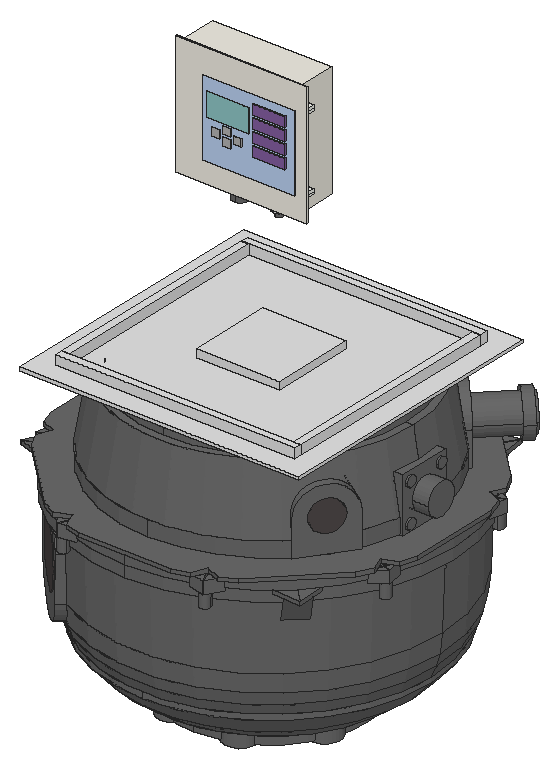
Revit family "281250x (200)", category Generic Models, Revit 2021
Family settings
  Can host rebar = No
  Round Connector Dimension = Use Diameter
  Part Type = Normal
  Work Plane-Based = No
  Always vertical = Yes
  Cut with Voids When Loaded = No
  Shared = Yes
  Room Calculation Point = No
Parameters (values of type "281250X")
  SUPPLIER = "KESSEL"
  SA700ID50 = "internal"
  SA700ID49 = "Protection Class I"
  SA700ID48 = "no"
  SA700ID47 = "no"
  SA700ID46 = "yes"
  SA700ID37 = 9000 mm
  SA700ID34 = 15.5
  SA700ID33 = 1.4 W
  SA700ID32 = 17.82 kg
  SA700ID31 = 1
  SA700ID30 = 1
  SA700ID29 = "RWDR"
  SA700ID21 = 900
  SA700ID10 = "No"
  SA700ID08 = 230 V
  PROCUREWEBLINK = "https://p.caden.as/kessel/281250X"
  PROCURELINK = "p.caden.as/kessel/281250X"
  PROCUREDATALASTUPDATE = "2024-05-22T12:17:20.68641257+01:00"
  PRC_SPECIFICATIONLINK = "https://ausschreiben.de/catalog/kessel/catalogItem/0e2b109e-8f7c-4847-9f3c-1d9d04fdc3ec"
  NN = "Lifting station Aqualift S compact"
  NBSYN = "$SA810ID03. ($LODLEVEL.)"
  NB = "281250X (200)"
  Model = "281250X"
  Manufacturer = "KESSEL"
  MIdent = "{$CADENAS_DATA/23d-libs/kessel/kessel_vdi_import/4/entwaesserung/hebeanlage20aqualift20s20compact.prj},216 {STYP=ASS},{VTYP=3D},{NB=281250X (200)},{LINA=281250X},{NN=Lifting station Aqualift S compact},{DATE=21.11.2022 10:40:35},{GEOMDATE=21.11.2022 10:40:35},{VERSION=},{LINEID=160},{WBVAR=LODLEVEL},{WBNUMERIC=LODLEVEL}  {NB=281250X (200)},{LINA=281250X},{KT=DUMMY},{PREVIEW=../../bilder/ksb_w_281250x.png},{SA700ID04=Hebeanlage Aqualift S Compact, Tronic, GTF1200, Bodenplatte, befliesbar},{SA810ID06=04026092082676},{SA700ID34=15.50},{SA010ID03=201805},{SA810ID03=281250X},{SA810ID10=Die steckerfertige Hebeanlage für fäkalienfreies Abwasser ist mit einer überflutbaren Pumpe sowie einem Rückflussverhinderer ausgestattet. Der Sammelbehälter aus dauerhaft beständigem Kunststoff (PE) besitzt einen offenen Pumpenraum. Einhandverschlüsse ermöglichen die einfache Entnahme der integrierten Komponenten. Die Anlage zum Einbau in die Bodenplatte ist vormontiert zur bauseitigen Endmontage.Die Steuerung erfolgt durch ein anwenderfreundliches Schaltgerät, das optional über einen potentialfreien Kontakt in die Gebäudeleittechnik eingebunden werden oder Alarm- und Sammelstörmeldungen über eine GSM-Schnittstelle ausgeben kann.- mit teleskopischem Aufsatzstück für stufenlosen Höhen- und Niveauausgleich und integriertem Bodenablauf- Sammelbehälter aus PE, beständig gegen aggressive Abwässer und 3 m Grundwasser- inklusive Rückflussverhinderer für die Druckleitung- inklusive Stutzen für Zulauf und Kabelleerrohr- Pumpe mit Freistromrad für höchste BetriebssicherheitAusführung:Anlagenart: EinzelanlagePumpensteuerung: SchaltgerätRückflussverhinderer: integriertAuslieferungszustand: installationsfertig (Verbindungsteile sind bauseits anzuschließen)Einbausituation: Einbau in die BodenplatteAbwasserart: fäkalienfreiAllgemeine Merkmale:Farbe: schwarzNorm: EN 12050-2Abmessungen:Länge: 617 mmBreite: 585 mmBehälter/Grundkörper:Zulauf Nennweite (DN): 100 mmDruckabgang (DN): 32 mmDruckabgang (DA): 40 mmEinbautiefe: 490 - 620 mmNutzvolumen: 20 lArt der Höhenverstellbarkeit: teleskopisches AufsatzstückAbdeckungsmerkmale:Abdeckungsart: befliesbare AbdeckplatteAbdeckung Material: KunststoffAbdeckung Farbe: silbergrauAblauffunktion: jaBodenbelaghöhe max.: 16 mmBelastungsklasse: K 3 (EN 1253-1)Länge: 366 mmBreite: 366 mmVerriegelung: Lock & LiftFreier Kugeldurchgang: 30 mmFördereinrichtung:Pumpe: GTF 1200Anzahl Pumpen: 1Förderleistung max.: 15,5 m3/hFörderhöhe max.: 9 mBetriebsspannung: 230 VNetzfrequenz: 50 HzBetriebsart: S3 - 10 %Leistung P1: 1,4 kWLeistung P2: 0,84 kWDrehzahl: 2.650 U/minErforderliche Absicherung (Leitungsschutz): C 16 AFörderguttemperatur (dauerhaft) max.: 40 °CAnschlusstyp: codierter SteckerLaufrad Typ: FreistromradLänge Netzanschlussleitung Pumpe: 5 mNennstrom: 6,2 ASchutzart Pumpe: IP 68 (3m)Typ Anschlussleitung Pumpe: H07RN-F 3G 1,0 mm2Temperaturüberwachung: integriertSteuerung:Schaltgerät: ComfortBetriebsspannung: 230 VSelbstdiagnosesystem (SDS): jaBatteriepufferung: jaMehrzeilige Displayanzeige: jaLogbuchfunktion: jaUSB-Schnittstelle: jaGSM-Schnittstelle: jaPotentialfreier Kontakt: optionalSchutzart Schaltgerät: IP 54Länge Netzanschlussleitung Schaltgerät: 1,4 mArt Niveauerfassung: pneumatischInstrument Niveauerfassung: TauchrohrAlarmgeber: optische Sonde},{SA700ID37=9.00},{SA700ID33=1.40},{SA700ID08=230},{SA700ID30=1},{SA700ID32=17.82},{SA700ID49=Schutzklasse I},{SA700ID50=intern},{SA200ID03=6},{SA250ID03=vertikal},{SA260ID03=Trockenläuferpumpe},{SA350ID03=normalansaugend},{SA400ID03=E-Motor für Wechselstrom},{SA460ID03=direkt},{SA500ID03=Kunststoff, Edelstahl},{SA700ID06=32},{SA700ID07=100},{SA700ID09=1/N/PE 230V },{SA700ID10=Nein},{SA700ID11=50},{SA700ID12=IP 68},{SA700ID13=F},{SA700ID15=35},{SA700ID21=900.00},{SA700ID22=0.84},{SA700ID23=2650},{SA700ID24=2650},{SA700ID26=6.20},{SA700ID27=14.90},{SA700ID28=durchgehend},{SA700ID29=RWDR},{SA700ID31=1},{SA700ID46=ja},{SA700ID47=nein},{SA700ID48=nein},{SA110ID04=Hebeanlage Aqualift S Compact},{SA300ID03=einstufig},{SA700ID44=10.00},{SA700ID45=10.00},{SA010ID04=KESSEL AG},{LODLEVEL=200},{LINK=https://www.kessel.de/info?han=281250X},{SA970ID01=970},{SA970ID02=14182},{SA970ID03=281250X},{SA970ID04=11002617},{SA970ID05=QUAD},{SA970ID06=-326},{SA970ID07=-291.04},{SA970ID08=0},{SA970ID09=1},{SA970ID10=0},{SA970ID11=0},{SA970ID12=0},{SA970ID13=1},{SA970ID14=0},{SA970ID15=617.04},{SA970ID16=582.09},{SA970ID17=488.5},{LODLEVEL_=200,'Low'},{LODLEVEL_DEU=200,'Low'},{LINK_=https://www.kessel.de/info?han=281250X},{LINK_DEU=https://www.kessel.de/info?han=281250X},{LODLEVEL_3DB=281250X_200},{DNIN1=100},{DNIN2=125},{DNIN3=100},{DNIN4=100},{DNOUT1=70},{DNOUT2=32},{ISD1=60},{ISD2=10},{ISD3=10},{SA010ID01=010},{SA010ID02=4},{SA010ID06=www.kessel.de},{SA010ID07=www.kessel.de},{SA010ID12=20180713},{SA010ID13=DEU},{SA010ID14=DE},{SA100ID01=100},{SA100ID02=4},{SA100ID04=Entwässerung},{SA110ID01=110},{SA110ID02=30},{SA200ID01=200},{SA200ID02=6},{SA250ID01=250},{SA250ID02=2},{SA260ID01=260},{SA260ID02=2},{SA300ID01=300},{SA300ID02=1},{SA350ID01=350},{SA350ID02=1},{SA400ID01=400},{SA400ID02=1},{SA460ID01=460},{SA460ID02=1},{SA500ID01=500},{SA500ID02=1},{SA700ID01=700},{SA700ID02=203},{SA700ID10_=0},{SA700ID16=0},{SA700ID25=0},{SA700ID46_=1},{SA700ID47_=0},{SA700ID48_=0},{SA700ID49_=1},{SA700ID50_=2},{SA800ID01=800},{SA800ID02=18},{SA810ID01=810},{SA810ID02=203},{SA810ID04=281250X},{SA810ID07=203},{SA810ID09=1},{SA810ID14=PCE},{SA810ID15=1},{SA810ID16=NMP},{SA960ID03=203},{SA960ID04=3L},{SA960ID08=https://www.kessel.de/info?han=281250X},{SA010ID08=4026092000007},{SA100ID05=Hebeanlage},{SA110ID06=Hebeanlage}"
  LINK = "https://www.kessel.de/info?han=281250X"
  LINA = "281250X"
  Default Elevation = 0 mm
  CREATOR = "CADENAS GmbH"
  CATALOG = "KESSEL"
  BOMINFO = "LINA"
  ARTICLENO = "NB"
  4.810.00.9 Order quantity (multiplicator) = "1"
  4.810.00.7 Media- connection number = "203"
  4.810.00.6 GTIN number = "04026092082676"
  4.810.00.4 DATANORM number = "281250X"
  4.810.00.3 Producer order number = "281250X"
  4.710.03.7 Mass (net) = 17.82 kg
  4.710.03.6 Height = 490 mm
  4.710.03.5 Width = 580 mm
  4.710.03.4 Length = 620 mm
  4.710.03.3 Type of dimensions = "2"
  4.710.02.8 Area of application of wastewater pump = "2"
  4.710.02.7 Art des S2/S3-Betriebs = "50 %"
  4.710.02.6 Duty type = "S3"
  4.710.02.5 Cutting device = "0"
  4.710.02.4 Attached pump control = "1"
  4.710.02.3 Free passage = 30 mm
  4.710.01.6 Option to connect to building automation = "30"
  4.710.01.5 Load regulation = "0"
  4.710.01.4 Designation of closed-loop control = "20"
  4.700.00.9 Voltage = 0
  4.700.00.8 Nominal connection size on suction side = "100"
  4.700.00.7 Nominal connection size on pressure side = "100"
  4.700.00.6 Type of connection = "32"
  4.700.00.4 Product indentification = "Hebeanlage Aqualift S Compact, Tronic, GTF1200, Bodenplatte, befliesbar"
  4.700.00.28 Motor pump shaft = "durchgehend"
  4.700.00.27 Starting current = 14.9
  4.700.00.26 Maximum power consumption per pump / drive = 6.2
  4.700.00.25 Minimum speed at internal speed adjustment = 0
  4.700.00.24 Nominal speed / maximum speed n = 44.1667
  4.700.00.23 Nominal speed of motor = 44.1667
  4.700.00.22 Maximum shaft output (P2) per pump/drive = 0.84 W
  4.700.00.16 Maximum temperature of pumped medium = 0 °C
  4.700.00.15 Increased safety class = "35 °C"
  4.700.00.13 Type of protection = "F"
  4.700.00.12 Frequency = 0
  4.700.00.11 Stern-/Dreieck-Anlaufschaltung bei Dreiphasenanschluss oder Drehstrom = "50 Hz"
  4.700.00.10 Phase = "0"
  4.500.00.3 Variant / Variant type / Accessories-name = "Kunststoff, Edelstahl"
  4.460.00.3 Variant / Variant type / Accessories-name = "direkt"
  4.400.00.3 Variant / Variant type / Accessories-name = "E-Motor für Wechselstrom"
  4.350.00.3 Variant / Variant type / Accessories-name = "normalansaugend"
  4.300.00.3 Variant / Variant type / Accessories-name = "einstufig"
  4.260.00.3 Variant / Variant type / Accessories-name = "Trockenläuferpumpe"
  4.250.00.3 Variant / Variant type / Accessories-name = "vertikal"
  4.200.00.3 Variant / Variant type / Accessories-name = "6"
  4.110.00.6 Product classification = "Hebeanlage"
  4.110.00.4 Product indentification = "Hebeanlage Aqualift S Compact"
  4.100.00.5 Main groups of wares = "Hebeanlage"
  4.100.00.4 Product indentification = "Entwässerung"
  4.010.00.8 Producer ID number = "4026092000007"
  4.010.00.7 Comment = "www.kessel.de"
  4.010.00.6 Web address of the manufacturer = "www.kessel.de"
  4.010.00.4 Manufacturer name = "KESSEL AG"
  4.010.00.3 Date of issuance (month) of guideline = "201805"
  4.010.00.2 Sheet number of the guideline = "4"
  4.010.00.14 Kennungen der Projektländer, für die die Datei gültig ist = "DE"
  4.010.00.13 Sprache der Datei = "DEU"
  4.010.00.12 Stand des Herstellerkatalogs = "20180713"
Reference planes
  plane 1 "Center (Front/Back)": y = 0
  plane 2: z = 0
  plane 3 "Center (Left/Right)": x = 0
Forms (mm)
  Extrusion 1, void
    sketch origin (-161, 217, 518.2) x (0, 1, 0) y (-1, 0, 0)
      loop
        line (-0.5, -0.5) -> (0.5, -0.5) -> (0.5, 0.5) -> (-0.5, 0.5) -> (-0.5, -0.5)
    from 0 to 1
  Extrusion 2, void
    sketch origin (-197.283, 197.283, 209) x (-0.707107, -0.707107, 0) y (0, 0, -1)
      loop
        line (-0.5, -0.5) -> (0.5, -0.5) -> (0.5, 0.5) -> (-0.5, 0.5) -> (-0.5, -0.5)
    from 0 to 1
  Extrusion 3, void
    sketch origin (-197.283, -197.283, 209) x (0.707107, -0.707107, 0) y (0, 0, -1)
      loop
        line (-0.5, -0.5) -> (0.5, -0.5) -> (0.5, 0.5) -> (-0.5, 0.5) -> (-0.5, -0.5)
    from 0 to 1
  Extrusion 4, void
    sketch origin (-247, 0, 370) x (0, -1, 0) y (0, 0, -1)
      loop
        line (-0.5, -0.5) -> (0.5, -0.5) -> (0.5, 0.5) -> (-0.5, 0.5) -> (-0.5, -0.5)
    from 0 to 1
  Extrusion 5, void
    sketch origin (242.226, 228.084, 376) x (-0.707107, 0.707107, 0) y (0, 0, -1)
      loop
        line (-0.5, -0.5) -> (0.5, -0.5) -> (0.5, 0.5) -> (-0.5, 0.5) -> (-0.5, -0.5)
    from 0 to 1
  Extrusion 6, void
    sketch origin (242.226, 228.084, 364) x (-0.707107, 0.707107, 0) y (0, 0, -1)
      loop
        line (-0.5, -0.5) -> (0.5, -0.5) -> (0.5, 0.5) -> (-0.5, 0.5) -> (-0.5, -0.5)
    from 0 to 1
  Extrusion 7, void
    sketch origin (228.084, 242.226, 376) x (-0.707107, 0.707107, 0) y (0, 0, -1)
      loop
        line (-0.5, -0.5) -> (0.5, -0.5) -> (0.5, 0.5) -> (-0.5, 0.5) -> (-0.5, -0.5)
    from 0 to 1
  Extrusion 8, void
    sketch origin (228.084, 242.226, 364) x (-0.707107, 0.707107, 0) y (0, 0, -1)
      loop
        line (-0.5, -0.5) -> (0.5, -0.5) -> (0.5, 0.5) -> (-0.5, 0.5) -> (-0.5, -0.5)
    from 0 to 1
Dimensions and locks
  locked: plane 2 to Extrusion 1 at 519.2
  locked: plane 2 to Extrusion 1 at 518.2
  locked: plane 2 to Extrusion 2 at 208.5
  locked: plane 2 to Extrusion 2 at 209.5
  locked: plane 2 to Extrusion 3 at 208.5
  locked: plane 2 to Extrusion 3 at 209.5
  locked: plane 2 to Extrusion 4 at 369.5
  locked: plane 2 to Extrusion 4 at 370.5
  locked: plane 2 to Extrusion 5 at 375.5
  locked: plane 2 to Extrusion 5 at 376.5
  locked: plane 2 to Extrusion 6 at 363.5
  locked: plane 2 to Extrusion 6 at 364.5
  locked: plane 2 to Extrusion 7 at 375.5
  locked: plane 2 to Extrusion 7 at 376.5
  locked: plane 2 to Extrusion 8 at 363.5
  locked: plane 2 to Extrusion 8 at 364.5
  aligned and locked: level to plane 2
Nested families
  nested 1: "281250x (200)_content" at (0, 0, 0), type "281250X (200)_Content"
  nested 2: "281250x (200)_part1_X0Y0" at (-194, 244.5, 558), type "281250X_PART1_X0Y0"
  nested 3: "281250x (200)_part2_X0Y0" at (0, 0, 0), type "281250X_PART2_X0Y0"
Connectors
  electrical at (-257.5, 217, 524.5)
    settings: on nested 2, index 1, voltage 0 V, apparent load 0 VA, apparent load phase1 0 VA, apparent load phase2 0 VA, apparent load phase3 0 VA, power factor 1, load classification "Other", number of poles 1, system type 31, power factor state 1, is connector primary yes, connector utility no, sub classification motor no, connector description ""
  electrical at (-223, 217, 521)
    settings: on nested 2, index 2, voltage 0 V, apparent load 0 VA, apparent load phase1 0 VA, apparent load phase2 0 VA, apparent load phase3 0 VA, power factor 1, load classification "Other", number of poles 1, system type 31, power factor state 1, is connector primary no, connector utility no, sub classification motor no, connector description ""
  electrical at (-189, 217, 530.9)
    settings: on nested 2, index 3, voltage 0 V, apparent load 0 VA, apparent load phase1 0 VA, apparent load phase2 0 VA, apparent load phase3 0 VA, power factor 1, load classification "Other", number of poles 1, system type 31, power factor state 1, is connector primary no, connector utility no, sub classification motor no, connector description ""
  electrical at (-161, 217, 518.2)
    settings: on Extrusion 1, index 4, voltage 0 V, apparent load 0 VA, apparent load phase1 0 VA, apparent load phase2 0 VA, apparent load phase3 0 VA, power factor 1, load classification "Other", number of poles 1, system type 31, power factor state 1, is connector primary no, connector utility no, sub classification motor no, connector description ""
  electrical at (-136.5, 217, 557.2)
    settings: on nested 2, index 5, voltage 0 V, apparent load 0 VA, apparent load phase1 0 VA, apparent load phase2 0 VA, apparent load phase3 0 VA, power factor 1, load classification "Other", number of poles 1, system type 31, power factor state 1, is connector primary no, connector utility no, sub classification motor no, connector description ""
  electrical at (-114.5, 217, 557.2)
    settings: on nested 2, index 6, voltage 0 V, apparent load 0 VA, apparent load phase1 0 VA, apparent load phase2 0 VA, apparent load phase3 0 VA, power factor 1, load classification "Other", number of poles 1, system type 31, power factor state 1, is connector primary no, connector utility no, sub classification motor no, connector description ""
  piping at (-326, 0, 209), diameter 125
    settings: on nested 3, index 7, connector inside diameter 609.6 mm, connector length 0 mm, flow factor 0, pipe flow 0.0 L/s, pressure drop 0.0 Pa, fitting loss kfactor 0, connector angle 0.00°, fixture units 0, engagement length 0 mm, angle of deflection 0.00°, flow configuration 0, flow direction 1, fitting loss method 2, system type 29, joint type 0, gender type 0, connector reference index -1, connector utility 0, adjustable connector no, is connector primary yes, connector description ""
  piping at (-197.283, 197.283, 209), diameter 100
    settings: on Extrusion 2, index 8, connector inside diameter 609.6 mm, connector length 0 mm, flow factor 0, pipe flow 0.0 L/s, pressure drop 0.0 Pa, fitting loss kfactor 0, connector angle 0.00°, fixture units 0, engagement length 0 mm, angle of deflection 0.00°, flow configuration 0, flow direction 0, fitting loss method 2, system type 29, joint type 0, gender type 0, connector reference index -1, connector utility 0, adjustable connector no, is connector primary no, connector description ""
  piping at (-197.283, -197.283, 209), diameter 100
    settings: on Extrusion 3, index 9, connector inside diameter 609.6 mm, connector length 0 mm, flow factor 0, pipe flow 0.0 L/s, pressure drop 0.0 Pa, fitting loss kfactor 0, connector angle 0.00°, fixture units 0, engagement length 0 mm, angle of deflection 0.00°, flow configuration 0, flow direction 0, fitting loss method 2, system type 29, joint type 0, gender type 0, connector reference index -1, connector utility 0, adjustable connector no, is connector primary no, connector description ""
  piping at (-247, 0, 370), diameter 70
    settings: on Extrusion 4, index 10, connector inside diameter 609.6 mm, connector length 0 mm, flow factor 0, pipe flow 0.0 L/s, pressure drop 0.0 Pa, fitting loss kfactor 0, connector angle 0.00°, fixture units 0, engagement length 0 mm, angle of deflection 0.00°, flow configuration 0, flow direction 0, fitting loss method 2, system type 29, joint type 0, gender type 0, connector reference index -1, connector utility 0, adjustable connector no, is connector primary no, connector description ""
  piping at (272.5, -3, 363.25), diameter 32
    settings: on nested 3, index 11, connector inside diameter 609.6 mm, connector length 0 mm, flow factor 0, pipe flow 0.0 L/s, pressure drop 0.0 Pa, fitting loss kfactor 0, connector angle 0.00°, fixture units 0, engagement length 0 mm, angle of deflection 0.00°, flow configuration 0, flow direction 2, fitting loss method 2, system type 29, joint type 0, gender type 0, connector reference index -1, connector utility 0, adjustable connector no, is connector primary no, connector description ""
  electrical at (242.226, 228.084, 376)
    settings: on Extrusion 5, index 12, voltage 0 V, apparent load 0 VA, apparent load phase1 0 VA, apparent load phase2 0 VA, apparent load phase3 0 VA, power factor 1, load classification "Other", number of poles 1, system type 31, power factor state 1, is connector primary no, connector utility no, sub classification motor no, connector description ""
  electrical at (242.226, 228.084, 364)
    settings: on Extrusion 6, index 13, voltage 0 V, apparent load 0 VA, apparent load phase1 0 VA, apparent load phase2 0 VA, apparent load phase3 0 VA, power factor 1, load classification "Other", number of poles 1, system type 31, power factor state 1, is connector primary no, connector utility no, sub classification motor no, connector description ""
  electrical at (228.084, 242.226, 376)
    settings: on Extrusion 7, index 14, voltage 0 V, apparent load 0 VA, apparent load phase1 0 VA, apparent load phase2 0 VA, apparent load phase3 0 VA, power factor 1, load classification "Other", number of poles 1, system type 31, power factor state 1, is connector primary no, connector utility no, sub classification motor no, connector description ""
  electrical at (228.084, 242.226, 364)
    settings: on Extrusion 8, index 15, voltage 0 V, apparent load 0 VA, apparent load phase1 0 VA, apparent load phase2 0 VA, apparent load phase3 0 VA, power factor 1, load classification "Other", number of poles 1, system type 31, power factor state 1, is connector primary no, connector utility no, sub classification motor no, connector description ""
Definition of nested family "281250x (200)_part1_X0Y0"
  Parameters (values of type "281250X_PART1_X0Y0")
    SUPPLIER = "KESSEL"
    SA700ID50 = "internal"
    SA700ID49 = "Protection Class I"
    SA700ID48 = "no"
    SA700ID47 = "no"
    SA700ID46 = "yes"
    SA700ID37 = 9000 mm
    SA700ID34 = 15.5
    SA700ID33 = 1.4 W
    SA700ID32 = 17.82 kg
    SA700ID31 = 1
    SA700ID30 = 1
    SA700ID29 = "RWDR"
    SA700ID21 = 900
    SA700ID10 = "No"
    SA700ID08 = 230 V
    NBSYN = "$SA810ID03. ($LODLEVEL.)_PART1"
    NB = "281250X (200)_PART1"
    Model = "281250X_PART1"
    Manufacturer = "KESSEL"
    MIdent = "{$CADENAS_DATA/23d-libs/kessel/kessel_vdi_import/4/entwaesserung/hebeanlage20aqualift20s20compact.prj},236 {VTYP=3D},{NB=281250X (200)_PART1},{LINA=281250X_PART1},{NN=Lifting station Aqualift S compact_PART1},{NOPRJ=TRUE},{DATE=21.11.2022 10:40:35},{GEOMDATE=21.11.2022 10:40:35},{VERSION=},{LINEID=160},{WBVAR=LODLEVEL},{WBNUMERIC=LODLEVEL}  {NB=281250X (200)_PART1},{LINA=281250X_PART1},{KT=DUMMY},{PREVIEW=../../bilder/ksb_w_281250x.png},{SA700ID04=Hebeanlage Aqualift S Compact, Tronic, GTF1200, Bodenplatte, befliesbar},{SA810ID06=04026092082676},{SA700ID34=15.50},{SA010ID03=201805},{SA810ID03=281250X},{SA810ID10=Die steckerfertige Hebeanlage für fäkalienfreies Abwasser ist mit einer überflutbaren Pumpe sowie einem Rückflussverhinderer ausgestattet. Der Sammelbehälter aus dauerhaft beständigem Kunststoff (PE) besitzt einen offenen Pumpenraum. Einhandverschlüsse ermöglichen die einfache Entnahme der integrierten Komponenten. Die Anlage zum Einbau in die Bodenplatte ist vormontiert zur bauseitigen Endmontage.Die Steuerung erfolgt durch ein anwenderfreundliches Schaltgerät, das optional über einen potentialfreien Kontakt in die Gebäudeleittechnik eingebunden werden oder Alarm- und Sammelstörmeldungen über eine GSM-Schnittstelle ausgeben kann.- mit teleskopischem Aufsatzstück für stufenlosen Höhen- und Niveauausgleich und integriertem Bodenablauf- Sammelbehälter aus PE, beständig gegen aggressive Abwässer und 3 m Grundwasser- inklusive Rückflussverhinderer für die Druckleitung- inklusive Stutzen für Zulauf und Kabelleerrohr- Pumpe mit Freistromrad für höchste BetriebssicherheitAusführung:Anlagenart: EinzelanlagePumpensteuerung: SchaltgerätRückflussverhinderer: integriertAuslieferungszustand: installationsfertig (Verbindungsteile sind bauseits anzuschließen)Einbausituation: Einbau in die BodenplatteAbwasserart: fäkalienfreiAllgemeine Merkmale:Farbe: schwarzNorm: EN 12050-2Abmessungen:Länge: 617 mmBreite: 585 mmBehälter/Grundkörper:Zulauf Nennweite (DN): 100 mmDruckabgang (DN): 32 mmDruckabgang (DA): 40 mmEinbautiefe: 490 - 620 mmNutzvolumen: 20 lArt der Höhenverstellbarkeit: teleskopisches AufsatzstückAbdeckungsmerkmale:Abdeckungsart: befliesbare AbdeckplatteAbdeckung Material: KunststoffAbdeckung Farbe: silbergrauAblauffunktion: jaBodenbelaghöhe max.: 16 mmBelastungsklasse: K 3 (EN 1253-1)Länge: 366 mmBreite: 366 mmVerriegelung: Lock & LiftFreier Kugeldurchgang: 30 mmFördereinrichtung:Pumpe: GTF 1200Anzahl Pumpen: 1Förderleistung max.: 15,5 m3/hFörderhöhe max.: 9 mBetriebsspannung: 230 VNetzfrequenz: 50 HzBetriebsart: S3 - 10 %Leistung P1: 1,4 kWLeistung P2: 0,84 kWDrehzahl: 2.650 U/minErforderliche Absicherung (Leitungsschutz): C 16 AFörderguttemperatur (dauerhaft) max.: 40 °CAnschlusstyp: codierter SteckerLaufrad Typ: FreistromradLänge Netzanschlussleitung Pumpe: 5 mNennstrom: 6,2 ASchutzart Pumpe: IP 68 (3m)Typ Anschlussleitung Pumpe: H07RN-F 3G 1,0 mm2Temperaturüberwachung: integriertSteuerung:Schaltgerät: ComfortBetriebsspannung: 230 VSelbstdiagnosesystem (SDS): jaBatteriepufferung: jaMehrzeilige Displayanzeige: jaLogbuchfunktion: jaUSB-Schnittstelle: jaGSM-Schnittstelle: jaPotentialfreier Kontakt: optionalSchutzart Schaltgerät: IP 54Länge Netzanschlussleitung Schaltgerät: 1,4 mArt Niveauerfassung: pneumatischInstrument Niveauerfassung: TauchrohrAlarmgeber: optische Sonde},{SA700ID37=9.00},{SA700ID33=1.40},{SA700ID08=230},{SA700ID30=1},{SA700ID32=17.82},{SA700ID49=Schutzklasse I},{SA700ID50=intern},{SA200ID03=6},{SA250ID03=vertikal},{SA260ID03=Trockenläuferpumpe},{SA350ID03=normalansaugend},{SA400ID03=E-Motor für Wechselstrom},{SA460ID03=direkt},{SA500ID03=Kunststoff, Edelstahl},{SA700ID06=32},{SA700ID07=100},{SA700ID09=1/N/PE 230V },{SA700ID10=Nein},{SA700ID11=50},{SA700ID12=IP 68},{SA700ID13=F},{SA700ID15=35},{SA700ID21=900.00},{SA700ID22=0.84},{SA700ID23=2650},{SA700ID24=2650},{SA700ID26=6.20},{SA700ID27=14.90},{SA700ID28=durchgehend},{SA700ID29=RWDR},{SA700ID31=1},{SA700ID46=ja},{SA700ID47=nein},{SA700ID48=nein},{SA110ID04=Hebeanlage Aqualift S Compact},{SA300ID03=einstufig},{SA700ID44=10.00},{SA700ID45=10.00},{SA010ID04=KESSEL AG},{LODLEVEL=200},{LINK=https://www.kessel.de/info?han=281250X},{SA970ID01=970},{SA970ID02=14182},{SA970ID03=281250X},{SA970ID04=11002617},{SA970ID05=QUAD},{SA970ID06=-326},{SA970ID07=-291.04},{SA970ID08=0},{SA970ID09=1},{SA970ID10=0},{SA970ID11=0},{SA970ID12=0},{SA970ID13=1},{SA970ID14=0},{SA970ID15=617.04},{SA970ID16=582.09},{SA970ID17=488.5},{LODLEVEL_=200,'Low'},{LODLEVEL_DEU=200,'Low'},{LINK_=https://www.kessel.de/info?han=281250X},{LINK_DEU=https://www.kessel.de/info?han=281250X},{LODLEVEL_3DB=281250X_200},{DNIN1=100},{DNIN2=125},{DNIN3=100},{DNIN4=100},{DNOUT1=70},{DNOUT2=32},{ISD1=60},{ISD2=10},{ISD3=10},{SA010ID01=010},{SA010ID02=4},{SA010ID06=www.kessel.de},{SA010ID07=www.kessel.de},{SA010ID12=20180713},{SA010ID13=DEU},{SA010ID14=DE},{SA100ID01=100},{SA100ID02=4},{SA100ID04=Entwässerung},{SA110ID01=110},{SA110ID02=30},{SA200ID01=200},{SA200ID02=6},{SA250ID01=250},{SA250ID02=2},{SA260ID01=260},{SA260ID02=2},{SA300ID01=300},{SA300ID02=1},{SA350ID01=350},{SA350ID02=1},{SA400ID01=400},{SA400ID02=1},{SA460ID01=460},{SA460ID02=1},{SA500ID01=500},{SA500ID02=1},{SA700ID01=700},{SA700ID02=203},{SA700ID10_=0},{SA700ID16=0},{SA700ID25=0},{SA700ID46_=1},{SA700ID47_=0},{SA700ID48_=0},{SA700ID49_=1},{SA700ID50_=2},{SA800ID01=800},{SA800ID02=18},{SA810ID01=810},{SA810ID02=203},{SA810ID04=281250X},{SA810ID07=203},{SA810ID09=1},{SA810ID14=PCE},{SA810ID15=1},{SA810ID16=NMP},{SA960ID03=203},{SA960ID04=3L},{SA960ID08=https://www.kessel.de/info?han=281250X},{SA010ID08=4026092000007},{SA100ID05=Hebeanlage},{SA110ID06=Hebeanlage}"
    LINK = "https://www.kessel.de/info?han=281250X"
    LINA = "281250X_PART1"
    Default Elevation = 1219.2 mm
    CREATOR = "CADENAS GmbH"
    CATALOG = "KESSEL"
    BOMINFO = "LINA"
    ARTICLENO = "NB"
    4.810.00.9 Order quantity (multiplicator) = "1"
    4.810.00.7 Media- connection number = "203"
    4.810.00.6 GTIN number = "04026092082676"
    4.810.00.4 DATANORM number = "281250X"
    4.810.00.3 Producer order number = "281250X"
    4.710.03.7 Mass (net) = 17.82 kg
    4.710.03.6 Height = 490 mm
    4.710.03.5 Width = 580 mm
    4.710.03.4 Length = 620 mm
    4.710.03.3 Type of dimensions = "2"
    4.710.02.8 Area of application of wastewater pump = "2"
    4.710.02.7 Art des S2/S3-Betriebs = "50 %"
    4.710.02.6 Duty type = "S3"
    4.710.02.5 Cutting device = "0"
    4.710.02.4 Attached pump control = "1"
    4.710.02.3 Free passage = 30 mm
    4.710.01.6 Option to connect to building automation = "30"
    4.710.01.5 Load regulation = "0"
    4.710.01.4 Designation of closed-loop control = "20"
    4.700.00.9 Voltage = 0
    4.700.00.8 Nominal connection size on suction side = "100"
    4.700.00.7 Nominal connection size on pressure side = "100"
    4.700.00.6 Type of connection = "32"
    4.700.00.4 Product indentification = "Hebeanlage Aqualift S Compact, Tronic, GTF1200, Bodenplatte, befliesbar"
    4.700.00.28 Motor pump shaft = "durchgehend"
    4.700.00.27 Starting current = 14.9
    4.700.00.26 Maximum power consumption per pump / drive = 6.2
    4.700.00.25 Minimum speed at internal speed adjustment = 0
    4.700.00.24 Nominal speed / maximum speed n = 44.1667
    4.700.00.23 Nominal speed of motor = 44.1667
    4.700.00.22 Maximum shaft output (P2) per pump/drive = 0.84 W
    4.700.00.16 Maximum temperature of pumped medium = 0 °C
    4.700.00.15 Increased safety class = "35 °C"
    4.700.00.13 Type of protection = "F"
    4.700.00.12 Frequency = 0
    4.700.00.11 Stern-/Dreieck-Anlaufschaltung bei Dreiphasenanschluss oder Drehstrom = "50 Hz"
    4.700.00.10 Phase = "0"
    4.500.00.3 Variant / Variant type / Accessories-name = "Kunststoff, Edelstahl"
    4.460.00.3 Variant / Variant type / Accessories-name = "direkt"
    4.400.00.3 Variant / Variant type / Accessories-name = "E-Motor für Wechselstrom"
    4.350.00.3 Variant / Variant type / Accessories-name = "normalansaugend"
    4.300.00.3 Variant / Variant type / Accessories-name = "einstufig"
    4.260.00.3 Variant / Variant type / Accessories-name = "Trockenläuferpumpe"
    4.250.00.3 Variant / Variant type / Accessories-name = "vertikal"
    4.200.00.3 Variant / Variant type / Accessories-name = "6"
    4.110.00.6 Product classification = "Hebeanlage"
    4.110.00.4 Product indentification = "Hebeanlage Aqualift S Compact"
    4.100.00.5 Main groups of wares = "Hebeanlage"
    4.100.00.4 Product indentification = "Entwässerung"
    4.010.00.8 Producer ID number = "4026092000007"
    4.010.00.7 Comment = "www.kessel.de"
    4.010.00.6 Web address of the manufacturer = "www.kessel.de"
    4.010.00.4 Manufacturer name = "KESSEL AG"
    4.010.00.3 Date of issuance (month) of guideline = "201805"
    4.010.00.2 Sheet number of the guideline = "4"
    4.010.00.14 Kennungen der Projektländer, für die die Datei gültig ist = "DE"
    4.010.00.13 Sprache der Datei = "DEU"
    4.010.00.12 Stand des Herstellerkatalogs = "20180713"
  Reference planes
    plane 1 "Center (Front/Back)": y = 0
    plane 2: z = 0
    plane 3 "Center (Left/Right)": x = 0
  Dimensions and locks
    aligned and locked: level to plane 2
  Nested families
    nested 1: "281250x (200)_part1_content" at (0, 0, 0), type "281250X (200)_PART1_Content"
  Definition of nested family "281250x (200)_part1_content"
    Parameters (values of type "281250X (200)_PART1_Content")
      SUPPLIER = "KESSEL"
      SA700ID50 = "internal"
      SA700ID49 = "Protection Class I"
      SA700ID48 = "no"
      SA700ID47 = "no"
      SA700ID46 = "yes"
      SA700ID37 = 9000 mm
      SA700ID34 = 15.5
      SA700ID33 = 1.4 W
      SA700ID32 = 17.82 kg
      SA700ID31 = 1
      SA700ID30 = 1
      SA700ID29 = "RWDR"
      SA700ID21 = 900
      SA700ID10 = "No"
      SA700ID08 = 230 V
      NBSYN = "$SA810ID03. ($LODLEVEL.)_PART1"
      NB = "281250X (200)_PART1"
      Model = "281250X_PART1"
      Manufacturer = "KESSEL"
      LINK = "https://www.kessel.de/info?han=281250X"
      LINA = "281250X_PART1"
      Default Elevation = 1219.2 mm
      CREATOR = "CADENAS GmbH"
      CATALOG = "KESSEL"
      BOMINFO = "LINA"
      ARTICLENO = "NB"
      4.810.00.9 Order quantity (multiplicator) = "1"
      4.810.00.7 Media- connection number = "203"
      4.810.00.6 GTIN number = "04026092082676"
      4.810.00.4 DATANORM number = "281250X"
      4.810.00.3 Producer order number = "281250X"
      4.710.03.7 Mass (net) = 17.82 kg
      4.710.03.6 Height = 490 mm
      4.710.03.5 Width = 580 mm
      4.710.03.4 Length = 620 mm
      4.710.03.3 Type of dimensions = "2"
      4.710.02.8 Area of application of wastewater pump = "2"
      4.710.02.7 Art des S2/S3-Betriebs = "50 %"
      4.710.02.6 Duty type = "S3"
      4.710.02.5 Cutting device = "0"
      4.710.02.4 Attached pump control = "1"
      4.710.02.3 Free passage = 30 mm
      4.710.01.6 Option to connect to building automation = "30"
      4.710.01.5 Load regulation = "0"
      4.710.01.4 Designation of closed-loop control = "20"
      4.700.00.9 Voltage = 0
      4.700.00.8 Nominal connection size on suction side = "100"
      4.700.00.7 Nominal connection size on pressure side = "100"
      4.700.00.6 Type of connection = "32"
      4.700.00.4 Product indentification = "Hebeanlage Aqualift S Compact, Tronic, GTF1200, Bodenplatte, befliesbar"
      4.700.00.28 Motor pump shaft = "durchgehend"
      4.700.00.27 Starting current = 14.9
      4.700.00.26 Maximum power consumption per pump / drive = 6.2
      4.700.00.25 Minimum speed at internal speed adjustment = 0
      4.700.00.24 Nominal speed / maximum speed n = 44.1667
      4.700.00.23 Nominal speed of motor = 44.1667
      4.700.00.22 Maximum shaft output (P2) per pump/drive = 0.84 W
      4.700.00.16 Maximum temperature of pumped medium = 0 °C
      4.700.00.15 Increased safety class = "35 °C"
      4.700.00.13 Type of protection = "F"
      4.700.00.12 Frequency = 0
      4.700.00.11 Stern-/Dreieck-Anlaufschaltung bei Dreiphasenanschluss oder Drehstrom = "50 Hz"
      4.700.00.10 Phase = "0"
      4.500.00.3 Variant / Variant type / Accessories-name = "Kunststoff, Edelstahl"
      4.460.00.3 Variant / Variant type / Accessories-name = "direkt"
      4.400.00.3 Variant / Variant type / Accessories-name = "E-Motor für Wechselstrom"
      4.350.00.3 Variant / Variant type / Accessories-name = "normalansaugend"
      4.300.00.3 Variant / Variant type / Accessories-name = "einstufig"
      4.260.00.3 Variant / Variant type / Accessories-name = "Trockenläuferpumpe"
      4.250.00.3 Variant / Variant type / Accessories-name = "vertikal"
      4.200.00.3 Variant / Variant type / Accessories-name = "6"
      4.110.00.6 Product classification = "Hebeanlage"
      4.110.00.4 Product indentification = "Hebeanlage Aqualift S Compact"
      4.100.00.5 Main groups of wares = "Hebeanlage"
      4.100.00.4 Product indentification = "Entwässerung"
      4.010.00.8 Producer ID number = "4026092000007"
      4.010.00.7 Comment = "www.kessel.de"
      4.010.00.6 Web address of the manufacturer = "www.kessel.de"
      4.010.00.4 Manufacturer name = "KESSEL AG"
      4.010.00.3 Date of issuance (month) of guideline = "201805"
      4.010.00.2 Sheet number of the guideline = "4"
      4.010.00.14 Kennungen der Projektländer, für die die Datei gültig ist = "DE"
      4.010.00.13 Sprache der Datei = "DEU"
      4.010.00.12 Stand des Herstellerkatalogs = "20180713"
    Reference planes
      plane 1 "Center (Front/Back)": y = 0
      plane 2: z = 0
      plane 3 "Center (Left/Right)": x = 0
    Forms (mm)
      Extrusion 1, solid, detail levels medium+fine
        sketch origin (94.5, 0, 0) x (0, -1, 0) y (0, 0, 1)
          loop
            line (0, 181) -> (0, 0) -> (66, 0) -> (66, 181) -> (0, 181)
        from 0 to 189
      Extrusion 2, solid, detail levels medium+fine
        sketch origin (108.5, -66, -7) x (0, -1, 0) y (0, 0, 1)
          loop
            line (0, 194) -> (0, 0) -> (2, 0) -> (2, 194) -> (0, 194)
        from 0 to 208
      Extrusion 3, solid, detail levels medium+fine
        sketch origin (90, -68, 26.5) x (0, -1, 0) y (0, 0, 1)
          loop
            line (-1.25, 120) -> (-1.25, 0) -> (0.25, 0) -> (0.25, 120) -> (-1.25, 120)
        from 0 to 146
      Extrusion 4, solid, detail levels medium+fine
        sketch origin (5.5, -68.25, 66) x (0, -1, 0) y (0, 0, 1)
          loop
            line (-1, 12) -> (-1, 0) -> (0.5, 0) -> (0.5, 12) -> (-1, 12)
        from 0 to 12
      Extrusion 5, solid, detail levels medium+fine
        sketch origin (76.25, -68.25, 79) x (0, -1, 0) y (0, 0, 1)
          loop
            line (0, 16) -> (0, 0) -> (1.75, 0) -> (1.75, 16) -> (0, 16)
        from 0 to 51
      Extrusion 6, solid, detail levels medium+fine
        sketch origin (-11.75, -68.25, 74) x (0, -1, 0) y (0, 0, 1)
          loop
            line (-1, 12) -> (-1, 0) -> (0.5, 0) -> (0.5, 12) -> (-1, 12)
        from 0 to 12
      Extrusion 7, solid, detail levels medium+fine
        sketch origin (76.25, -68.25, 59) x (0, -1, 0) y (0, 0, 1)
          loop
            line (0, 16) -> (0, 0) -> (1.75, 0) -> (1.75, 16) -> (0, 16)
        from 0 to 51
      Extrusion 8, solid, detail levels medium+fine
        sketch origin (17.4, -68.25, 89.5) x (0, -1, 0) y (0, 0, 1)
          loop
            line (-1, 37) -> (-1, 0) -> (0.5, 0) -> (0.5, 37) -> (-1, 37)
        from 0 to 66
      Extrusion 9, solid, detail levels medium+fine
        sketch origin (76.25, -68.25, 99) x (0, -1, 0) y (0, 0, 1)
          loop
            line (0, 16) -> (0, 0) -> (1.75, 0) -> (1.75, 16) -> (0, 16)
        from 0 to 51
      Extrusion 10, solid, detail levels medium+fine
        sketch origin (-11.75, -68.25, 57.5) x (0, -1, 0) y (0, 0, 1)
          loop
            line (-1, 12) -> (-1, 0) -> (0.5, 0) -> (0.5, 12) -> (-1, 12)
        from 0 to 12
      Extrusion 11, solid, detail levels medium+fine
        sketch origin (76.25, -68.25, 119) x (0, -1, 0) y (0, 0, 1)
          loop
            line (0, 16) -> (0, 0) -> (1.75, 0) -> (1.75, 16) -> (0, 16)
        from 0 to 51
      Extrusion 12, solid, detail levels medium+fine
        sketch origin (-29, -68.25, 66) x (0, -1, 0) y (0, 0, 1)
          loop
            line (-1, 12) -> (-1, 0) -> (0.5, 0) -> (0.5, 12) -> (-1, 12)
        from 0 to 12
      Extrusion 13, solid, detail levels medium+fine
        sketch origin (5, -27.5, 0) x (1, 0, 0) y (0, -1, 0)
          loop
            circle (0, 0) r 11
        from 0 to 17.3
      Extrusion 14, solid, detail levels medium+fine
        sketch origin (5, -27.5, -16.3) x (1, 0, 0) y (0, -1, 0)
          loop
            circle (0, 0) r 8.65
        from 0 to 10.8
      Extrusion 15, solid, detail levels medium+fine
        sketch origin (-29, -27.5, 0) x (1, 0, 0) y (0, -1, 0)
          loop
            circle (0, 0) r 11.4
        from 0 to 9
      Extrusion 16, solid, detail levels medium+fine
        sketch origin (-29, -27.5, -9) x (1, 0, 0) y (0, -1, 0)
          loop
            circle (0, 0) r 11.75
        from 0 to 28
      Extrusion 17, solid, detail levels medium+fine
        sketch origin (33, -27.5, 0) x (1, 0, 0) y (0, -1, 0)
          loop
            circle (0, 0) r 11
        from 0 to 11
      Extrusion 18, solid, detail levels medium+fine
        sketch origin (33, -27.5, -11) x (1, 0, 0) y (0, -1, 0)
          loop
            circle (0, 0) r 11
        from 0 to 19.8
      Extrusion 19, solid, detail levels medium+fine
        sketch origin (33, -27.5, -29.8) x (1, 0, 0) y (0, -1, 0)
          loop
            circle (0, 0) r 6
        from 0 to 9
      Extrusion 20, solid, detail levels medium+fine
        sketch origin (57.5, -27.5, 2) x (1, 0, 0) y (0, -1, 0)
          loop
            circle (0, 0) r 10
        from 0 to 2.8
      Extrusion 21, solid, detail levels medium+fine
        sketch origin (106.5, -50, 145) x (0, -1, 0) y (0, 0, 1)
          loop
            line (0, 4) -> (0, 0) -> (16, 0) -> (16, 4) -> (0, 4)
        from 0 to 12
      Extrusion 22, solid, detail levels medium+fine
        sketch origin (106.5, -50, 149) x (0, -1, 0) y (0, 0, 1)
          loop
            line (0, 4) -> (0, 0) -> (12, 0) -> (12, 4) -> (0, 4)
        from 0 to 16
      Extrusion 23, solid, detail levels medium+fine
        sketch origin (106.5, -50, 26) x (0, -1, 0) y (0, 0, 1)
          loop
            line (0, 4) -> (0, 0) -> (16, 0) -> (16, 4) -> (0, 4)
        from 0 to 12
      Extrusion 24, solid, detail levels medium+fine
        sketch origin (106.5, -50, 30) x (0, -1, 0) y (0, 0, 1)
          loop
            line (0, 4) -> (0, 0) -> (12, 0) -> (12, 4) -> (0, 4)
        from 0 to 16
      Extrusion 25, solid, detail levels medium+fine
        sketch origin (-63.5, -27.5, 0) x (1, 0, 0) y (0, -1, 0)
          loop
            circle (0, 0) r 11
        from 0 to 23.5
      Extrusion 26, solid, detail levels medium+fine
        sketch origin (-63.5, -27.5, -23.5) x (1, 0, 0) y (0, -1, 0)
          loop
            circle (0, 0) r 3
        from 0 to 10
      Extrusion 27, solid, detail levels medium+fine
        sketch origin (79.5, -27.5, 2) x (1, 0, 0) y (0, -1, 0)
          loop
            circle (0, 0) r 10
        from 0 to 2.8
      Extrusion 28, solid, detail levels coarse
        sketch origin (4.5, -35, -38.8) x (1, 0, 0) y (0, 1, 0)
          loop
            line (-104, -35) -> (104, -35) -> (104, 35) -> (-104, 35) -> (-104, -35)
        from 0 to 225.8
    Dimensions and locks
      aligned and locked: level to plane 2
Definition of nested family "281250x (200)_part2_X0Y0"
  Parameters (values of type "281250X_PART2_X0Y0")
    SUPPLIER = "KESSEL"
    SA700ID50 = "internal"
    SA700ID49 = "Protection Class I"
    SA700ID48 = "no"
    SA700ID47 = "no"
    SA700ID46 = "yes"
    SA700ID37 = 9000 mm
    SA700ID34 = 15.5
    SA700ID33 = 1.4 W
    SA700ID32 = 17.82 kg
    SA700ID31 = 1
    SA700ID30 = 1
    SA700ID29 = "RWDR"
    SA700ID21 = 900
    SA700ID10 = "No"
    SA700ID08 = 230 V
    NBSYN = "$SA810ID03. ($LODLEVEL.)_PART2"
    NB = "281250X (200)_PART2"
    Model = "281250X_PART2"
    Manufacturer = "KESSEL"
    MIdent = "{$CADENAS_DATA/23d-libs/kessel/kessel_vdi_import/4/entwaesserung/hebeanlage20aqualift20s20compact.prj},236 {VTYP=3D},{NB=281250X (200)_PART2},{LINA=281250X_PART2},{NN=Lifting station Aqualift S compact_PART2},{NOPRJ=TRUE},{DATE=21.11.2022 10:40:35},{GEOMDATE=21.11.2022 10:40:35},{VERSION=},{LINEID=160},{WBVAR=LODLEVEL},{WBNUMERIC=LODLEVEL}  {NB=281250X (200)_PART2},{LINA=281250X_PART2},{KT=DUMMY},{PREVIEW=../../bilder/ksb_w_281250x.png},{SA700ID04=Hebeanlage Aqualift S Compact, Tronic, GTF1200, Bodenplatte, befliesbar},{SA810ID06=04026092082676},{SA700ID34=15.50},{SA010ID03=201805},{SA810ID03=281250X},{SA810ID10=Die steckerfertige Hebeanlage für fäkalienfreies Abwasser ist mit einer überflutbaren Pumpe sowie einem Rückflussverhinderer ausgestattet. Der Sammelbehälter aus dauerhaft beständigem Kunststoff (PE) besitzt einen offenen Pumpenraum. Einhandverschlüsse ermöglichen die einfache Entnahme der integrierten Komponenten. Die Anlage zum Einbau in die Bodenplatte ist vormontiert zur bauseitigen Endmontage.Die Steuerung erfolgt durch ein anwenderfreundliches Schaltgerät, das optional über einen potentialfreien Kontakt in die Gebäudeleittechnik eingebunden werden oder Alarm- und Sammelstörmeldungen über eine GSM-Schnittstelle ausgeben kann.- mit teleskopischem Aufsatzstück für stufenlosen Höhen- und Niveauausgleich und integriertem Bodenablauf- Sammelbehälter aus PE, beständig gegen aggressive Abwässer und 3 m Grundwasser- inklusive Rückflussverhinderer für die Druckleitung- inklusive Stutzen für Zulauf und Kabelleerrohr- Pumpe mit Freistromrad für höchste BetriebssicherheitAusführung:Anlagenart: EinzelanlagePumpensteuerung: SchaltgerätRückflussverhinderer: integriertAuslieferungszustand: installationsfertig (Verbindungsteile sind bauseits anzuschließen)Einbausituation: Einbau in die BodenplatteAbwasserart: fäkalienfreiAllgemeine Merkmale:Farbe: schwarzNorm: EN 12050-2Abmessungen:Länge: 617 mmBreite: 585 mmBehälter/Grundkörper:Zulauf Nennweite (DN): 100 mmDruckabgang (DN): 32 mmDruckabgang (DA): 40 mmEinbautiefe: 490 - 620 mmNutzvolumen: 20 lArt der Höhenverstellbarkeit: teleskopisches AufsatzstückAbdeckungsmerkmale:Abdeckungsart: befliesbare AbdeckplatteAbdeckung Material: KunststoffAbdeckung Farbe: silbergrauAblauffunktion: jaBodenbelaghöhe max.: 16 mmBelastungsklasse: K 3 (EN 1253-1)Länge: 366 mmBreite: 366 mmVerriegelung: Lock & LiftFreier Kugeldurchgang: 30 mmFördereinrichtung:Pumpe: GTF 1200Anzahl Pumpen: 1Förderleistung max.: 15,5 m3/hFörderhöhe max.: 9 mBetriebsspannung: 230 VNetzfrequenz: 50 HzBetriebsart: S3 - 10 %Leistung P1: 1,4 kWLeistung P2: 0,84 kWDrehzahl: 2.650 U/minErforderliche Absicherung (Leitungsschutz): C 16 AFörderguttemperatur (dauerhaft) max.: 40 °CAnschlusstyp: codierter SteckerLaufrad Typ: FreistromradLänge Netzanschlussleitung Pumpe: 5 mNennstrom: 6,2 ASchutzart Pumpe: IP 68 (3m)Typ Anschlussleitung Pumpe: H07RN-F 3G 1,0 mm2Temperaturüberwachung: integriertSteuerung:Schaltgerät: ComfortBetriebsspannung: 230 VSelbstdiagnosesystem (SDS): jaBatteriepufferung: jaMehrzeilige Displayanzeige: jaLogbuchfunktion: jaUSB-Schnittstelle: jaGSM-Schnittstelle: jaPotentialfreier Kontakt: optionalSchutzart Schaltgerät: IP 54Länge Netzanschlussleitung Schaltgerät: 1,4 mArt Niveauerfassung: pneumatischInstrument Niveauerfassung: TauchrohrAlarmgeber: optische Sonde},{SA700ID37=9.00},{SA700ID33=1.40},{SA700ID08=230},{SA700ID30=1},{SA700ID32=17.82},{SA700ID49=Schutzklasse I},{SA700ID50=intern},{SA200ID03=6},{SA250ID03=vertikal},{SA260ID03=Trockenläuferpumpe},{SA350ID03=normalansaugend},{SA400ID03=E-Motor für Wechselstrom},{SA460ID03=direkt},{SA500ID03=Kunststoff, Edelstahl},{SA700ID06=32},{SA700ID07=100},{SA700ID09=1/N/PE 230V },{SA700ID10=Nein},{SA700ID11=50},{SA700ID12=IP 68},{SA700ID13=F},{SA700ID15=35},{SA700ID21=900.00},{SA700ID22=0.84},{SA700ID23=2650},{SA700ID24=2650},{SA700ID26=6.20},{SA700ID27=14.90},{SA700ID28=durchgehend},{SA700ID29=RWDR},{SA700ID31=1},{SA700ID46=ja},{SA700ID47=nein},{SA700ID48=nein},{SA110ID04=Hebeanlage Aqualift S Compact},{SA300ID03=einstufig},{SA700ID44=10.00},{SA700ID45=10.00},{SA010ID04=KESSEL AG},{LODLEVEL=200},{LINK=https://www.kessel.de/info?han=281250X},{SA970ID01=970},{SA970ID02=14182},{SA970ID03=281250X},{SA970ID04=11002617},{SA970ID05=QUAD},{SA970ID06=-326},{SA970ID07=-291.04},{SA970ID08=0},{SA970ID09=1},{SA970ID10=0},{SA970ID11=0},{SA970ID12=0},{SA970ID13=1},{SA970ID14=0},{SA970ID15=617.04},{SA970ID16=582.09},{SA970ID17=488.5},{LODLEVEL_=200,'Low'},{LODLEVEL_DEU=200,'Low'},{LINK_=https://www.kessel.de/info?han=281250X},{LINK_DEU=https://www.kessel.de/info?han=281250X},{LODLEVEL_3DB=281250X_200},{DNIN1=100},{DNIN2=125},{DNIN3=100},{DNIN4=100},{DNOUT1=70},{DNOUT2=32},{ISD1=60},{ISD2=10},{ISD3=10},{SA010ID01=010},{SA010ID02=4},{SA010ID06=www.kessel.de},{SA010ID07=www.kessel.de},{SA010ID12=20180713},{SA010ID13=DEU},{SA010ID14=DE},{SA100ID01=100},{SA100ID02=4},{SA100ID04=Entwässerung},{SA110ID01=110},{SA110ID02=30},{SA200ID01=200},{SA200ID02=6},{SA250ID01=250},{SA250ID02=2},{SA260ID01=260},{SA260ID02=2},{SA300ID01=300},{SA300ID02=1},{SA350ID01=350},{SA350ID02=1},{SA400ID01=400},{SA400ID02=1},{SA460ID01=460},{SA460ID02=1},{SA500ID01=500},{SA500ID02=1},{SA700ID01=700},{SA700ID02=203},{SA700ID10_=0},{SA700ID16=0},{SA700ID25=0},{SA700ID46_=1},{SA700ID47_=0},{SA700ID48_=0},{SA700ID49_=1},{SA700ID50_=2},{SA800ID01=800},{SA800ID02=18},{SA810ID01=810},{SA810ID02=203},{SA810ID04=281250X},{SA810ID07=203},{SA810ID09=1},{SA810ID14=PCE},{SA810ID15=1},{SA810ID16=NMP},{SA960ID03=203},{SA960ID04=3L},{SA960ID08=https://www.kessel.de/info?han=281250X},{SA010ID08=4026092000007},{SA100ID05=Hebeanlage},{SA110ID06=Hebeanlage}"
    LINK = "https://www.kessel.de/info?han=281250X"
    LINA = "281250X_PART2"
    Default Elevation = 1219.2 mm
    CREATOR = "CADENAS GmbH"
    CATALOG = "KESSEL"
    BOMINFO = "LINA"
    ARTICLENO = "NB"
    4.810.00.9 Order quantity (multiplicator) = "1"
    4.810.00.7 Media- connection number = "203"
    4.810.00.6 GTIN number = "04026092082676"
    4.810.00.4 DATANORM number = "281250X"
    4.810.00.3 Producer order number = "281250X"
    4.710.03.7 Mass (net) = 17.82 kg
    4.710.03.6 Height = 490 mm
    4.710.03.5 Width = 580 mm
    4.710.03.4 Length = 620 mm
    4.710.03.3 Type of dimensions = "2"
    4.710.02.8 Area of application of wastewater pump = "2"
    4.710.02.7 Art des S2/S3-Betriebs = "50 %"
    4.710.02.6 Duty type = "S3"
    4.710.02.5 Cutting device = "0"
    4.710.02.4 Attached pump control = "1"
    4.710.02.3 Free passage = 30 mm
    4.710.01.6 Option to connect to building automation = "30"
    4.710.01.5 Load regulation = "0"
    4.710.01.4 Designation of closed-loop control = "20"
    4.700.00.9 Voltage = 0
    4.700.00.8 Nominal connection size on suction side = "100"
    4.700.00.7 Nominal connection size on pressure side = "100"
    4.700.00.6 Type of connection = "32"
    4.700.00.4 Product indentification = "Hebeanlage Aqualift S Compact, Tronic, GTF1200, Bodenplatte, befliesbar"
    4.700.00.28 Motor pump shaft = "durchgehend"
    4.700.00.27 Starting current = 14.9
    4.700.00.26 Maximum power consumption per pump / drive = 6.2
    4.700.00.25 Minimum speed at internal speed adjustment = 0
    4.700.00.24 Nominal speed / maximum speed n = 44.1667
    4.700.00.23 Nominal speed of motor = 44.1667
    4.700.00.22 Maximum shaft output (P2) per pump/drive = 0.84 W
    4.700.00.16 Maximum temperature of pumped medium = 0 °C
    4.700.00.15 Increased safety class = "35 °C"
    4.700.00.13 Type of protection = "F"
    4.700.00.12 Frequency = 0
    4.700.00.11 Stern-/Dreieck-Anlaufschaltung bei Dreiphasenanschluss oder Drehstrom = "50 Hz"
    4.700.00.10 Phase = "0"
    4.500.00.3 Variant / Variant type / Accessories-name = "Kunststoff, Edelstahl"
    4.460.00.3 Variant / Variant type / Accessories-name = "direkt"
    4.400.00.3 Variant / Variant type / Accessories-name = "E-Motor für Wechselstrom"
    4.350.00.3 Variant / Variant type / Accessories-name = "normalansaugend"
    4.300.00.3 Variant / Variant type / Accessories-name = "einstufig"
    4.260.00.3 Variant / Variant type / Accessories-name = "Trockenläuferpumpe"
    4.250.00.3 Variant / Variant type / Accessories-name = "vertikal"
    4.200.00.3 Variant / Variant type / Accessories-name = "6"
    4.110.00.6 Product classification = "Hebeanlage"
    4.110.00.4 Product indentification = "Hebeanlage Aqualift S Compact"
    4.100.00.5 Main groups of wares = "Hebeanlage"
    4.100.00.4 Product indentification = "Entwässerung"
    4.010.00.8 Producer ID number = "4026092000007"
    4.010.00.7 Comment = "www.kessel.de"
    4.010.00.6 Web address of the manufacturer = "www.kessel.de"
    4.010.00.4 Manufacturer name = "KESSEL AG"
    4.010.00.3 Date of issuance (month) of guideline = "201805"
    4.010.00.2 Sheet number of the guideline = "4"
    4.010.00.14 Kennungen der Projektländer, für die die Datei gültig ist = "DE"
    4.010.00.13 Sprache der Datei = "DEU"
    4.010.00.12 Stand des Herstellerkatalogs = "20180713"
  Reference planes
    plane 1 "Center (Front/Back)": y = 0
    plane 2: z = 0
    plane 3 "Center (Left/Right)": x = 0
  Dimensions and locks
    aligned and locked: level to plane 2
  Nested families
    nested 1: "281250x (200)_part2_content" at (0, 0, 0), type "281250X (200)_PART2_Content"
  Definition of nested family "281250x (200)_part2_content"
    Parameters (values of type "281250X (200)_PART2_Content")
      SUPPLIER = "KESSEL"
      SA700ID50 = "internal"
      SA700ID49 = "Protection Class I"
      SA700ID48 = "no"
      SA700ID47 = "no"
      SA700ID46 = "yes"
      SA700ID37 = 9000 mm
      SA700ID34 = 15.5
      SA700ID33 = 1.4 W
      SA700ID32 = 17.82 kg
      SA700ID31 = 1
      SA700ID30 = 1
      SA700ID29 = "RWDR"
      SA700ID21 = 900
      SA700ID10 = "No"
      SA700ID08 = 230 V
      NBSYN = "$SA810ID03. ($LODLEVEL.)_PART2"
      NB = "281250X (200)_PART2"
      Model = "281250X_PART2"
      Manufacturer = "KESSEL"
      LINK = "https://www.kessel.de/info?han=281250X"
      LINA = "281250X_PART2"
      Default Elevation = 1219.2 mm
      CREATOR = "CADENAS GmbH"
      CATALOG = "KESSEL"
      BOMINFO = "LINA"
      ARTICLENO = "NB"
      4.810.00.9 Order quantity (multiplicator) = "1"
      4.810.00.7 Media- connection number = "203"
      4.810.00.6 GTIN number = "04026092082676"
      4.810.00.4 DATANORM number = "281250X"
      4.810.00.3 Producer order number = "281250X"
      4.710.03.7 Mass (net) = 17.82 kg
      4.710.03.6 Height = 490 mm
      4.710.03.5 Width = 580 mm
      4.710.03.4 Length = 620 mm
      4.710.03.3 Type of dimensions = "2"
      4.710.02.8 Area of application of wastewater pump = "2"
      4.710.02.7 Art des S2/S3-Betriebs = "50 %"
      4.710.02.6 Duty type = "S3"
      4.710.02.5 Cutting device = "0"
      4.710.02.4 Attached pump control = "1"
      4.710.02.3 Free passage = 30 mm
      4.710.01.6 Option to connect to building automation = "30"
      4.710.01.5 Load regulation = "0"
      4.710.01.4 Designation of closed-loop control = "20"
      4.700.00.9 Voltage = 0
      4.700.00.8 Nominal connection size on suction side = "100"
      4.700.00.7 Nominal connection size on pressure side = "100"
      4.700.00.6 Type of connection = "32"
      4.700.00.4 Product indentification = "Hebeanlage Aqualift S Compact, Tronic, GTF1200, Bodenplatte, befliesbar"
      4.700.00.28 Motor pump shaft = "durchgehend"
      4.700.00.27 Starting current = 14.9
      4.700.00.26 Maximum power consumption per pump / drive = 6.2
      4.700.00.25 Minimum speed at internal speed adjustment = 0
      4.700.00.24 Nominal speed / maximum speed n = 44.1667
      4.700.00.23 Nominal speed of motor = 44.1667
      4.700.00.22 Maximum shaft output (P2) per pump/drive = 0.84 W
      4.700.00.16 Maximum temperature of pumped medium = 0 °C
      4.700.00.15 Increased safety class = "35 °C"
      4.700.00.13 Type of protection = "F"
      4.700.00.12 Frequency = 0
      4.700.00.11 Stern-/Dreieck-Anlaufschaltung bei Dreiphasenanschluss oder Drehstrom = "50 Hz"
      4.700.00.10 Phase = "0"
      4.500.00.3 Variant / Variant type / Accessories-name = "Kunststoff, Edelstahl"
      4.460.00.3 Variant / Variant type / Accessories-name = "direkt"
      4.400.00.3 Variant / Variant type / Accessories-name = "E-Motor für Wechselstrom"
      4.350.00.3 Variant / Variant type / Accessories-name = "normalansaugend"
      4.300.00.3 Variant / Variant type / Accessories-name = "einstufig"
      4.260.00.3 Variant / Variant type / Accessories-name = "Trockenläuferpumpe"
      4.250.00.3 Variant / Variant type / Accessories-name = "vertikal"
      4.200.00.3 Variant / Variant type / Accessories-name = "6"
      4.110.00.6 Product classification = "Hebeanlage"
      4.110.00.4 Product indentification = "Hebeanlage Aqualift S Compact"
      4.100.00.5 Main groups of wares = "Hebeanlage"
      4.100.00.4 Product indentification = "Entwässerung"
      4.010.00.8 Producer ID number = "4026092000007"
      4.010.00.7 Comment = "www.kessel.de"
      4.010.00.6 Web address of the manufacturer = "www.kessel.de"
      4.010.00.4 Manufacturer name = "KESSEL AG"
      4.010.00.3 Date of issuance (month) of guideline = "201805"
      4.010.00.2 Sheet number of the guideline = "4"
      4.010.00.14 Kennungen der Projektländer, für die die Datei gültig ist = "DE"
      4.010.00.13 Sprache der Datei = "DEU"
      4.010.00.12 Stand des Herstellerkatalogs = "20180713"
    Reference planes
      plane 1 "Center (Front/Back)": y = 0
      plane 2: z = 0
      plane 3 "Center (Left/Right)": x = 0
    Forms (mm)
      Extrusion 1, solid, detail levels medium+fine
        sketch origin (0, 0, 2) x (0, 1, 0) y (-1, 0, 0)
          loop
            circle (0, 0) r 153
        from 0 to 26.5
      Revolve 2, solid, detail levels medium+fine
        sketch origin (0, 0, 21) x (0, 0, 1) y (-1, 0, 0)
          loop
            line (0, 0) -> (16, 0) -> (16, 193) -> (0, 153) -> (0, 0)
          axis (16, 0) -> (0, 0)
        angle from -360 to 0
      Revolve 3, solid, detail levels medium+fine
        sketch origin (0, 0, 37) x (0, 0, 1) y (-1, 0, 0)
          loop
            line (0, 0) -> (24, 0) -> (24, 225) -> (0, 193) -> (0, 0)
          axis (24, 0) -> (0, 0)
        angle from -360 to 0
      Revolve 4, solid, detail levels medium+fine
        sketch origin (0, 0, 61) x (0, 0, 1) y (-1, 0, 0)
          loop
            line (0, 0) -> (33, 0) -> (33, 255) -> (0, 225) -> (0, 0)
          axis (33, 0) -> (0, 0)
        angle from -360 to 0
      Extrusion 5, solid, detail levels medium+fine
        sketch origin (0, 0, 94) x (0, 1, 0) y (-1, 0, 0)
          loop
            circle (0, 0) r 255
        from 0 to 9
      Revolve 6, solid, detail levels medium+fine
        sketch origin (0, 0, 103) x (0, 0, 1) y (-1, 0, 0)
          loop
            line (0, 0) -> (18, 0) -> (18, 263.5) -> (0, 255) -> (0, 0)
          axis (18, 0) -> (0, 0)
        angle from -360 to 0
      Revolve 7, solid, detail levels medium+fine
        sketch origin (0, 0, 121) x (0, 0, 1) y (-1, 0, 0)
          loop
            line (0, 0) -> (20, 0) -> (20, 269.5) -> (0, 263.5) -> (0, 0)
          axis (20, 0) -> (0, 0)
        angle from -360 to 0
      Revolve 8, solid, detail levels medium+fine
        sketch origin (0, 0, 141) x (0, 0, 1) y (-1, 0, 0)
          loop
            line (0, 0) -> (30, 0) -> (30, 272.75) -> (0, 269.5) -> (0, 0)
          axis (30, 0) -> (0, 0)
        angle from -360 to 0
      Revolve 9, solid, detail levels medium+fine
        sketch origin (0, 0, 171) x (0, 0, 1) y (-1, 0, 0)
          loop
            line (0, 0) -> (111, 0) -> (111, 277) -> (0, 272.75) -> (0, 0)
          axis (111, 0) -> (0, 0)
        angle from -360 to 0
      Extrusion 10, solid, detail levels medium+fine
        sketch origin (0, 0, 282) x (0, 1, 0) y (-1, 0, 0)
          loop
            circle (0, 0) r 290.5
        from 0 to 18
      Extrusion 11, solid, detail levels medium+fine
        sketch origin (0, 0, 300) x (0, 1, 0) y (-1, 0, 0)
          loop
            circle (0, 0) r 291
        from 0 to 14
      Extrusion 12, solid, detail levels medium+fine
        sketch origin (0, 0, 314) x (1, 0, 0) y (0, 1, 0)
          loop
            line (-291.044, -72.937) -> (-283.487, -98.291) -> (-260.422, -107.913) -> (-269.955, -130.928) -> (-257.458, -154.14) -> (-154.225, -257.373) -> (-130.953, -269.958) -> (-107.84, -260.453) -> (-98.307, -283.467) -> (-73.056, -291.044) -> (72.937, -291.044) -> (98.291, -283.487) -> (107.913, -260.422) -> (130.928, -269.955) -> (154.14, -257.458) -> (257.694, -153.632) -> (269.958, -130.953) -> (260.394, -107.864) -> (283.467, -98.307) -> (291.044, -73.056) -> (291.044, 72.937) -> (283.487, 98.291) -> (260.422, 107.913) -> (269.955, 130.928) -> (257.458, 154.14) -> (154.225, 257.373) -> (130.953, 269.958) -> (107.84, 260.453) -> (98.307, 283.467) -> (73.056, 291.044) -> (-72.937, 291.044) -> (-98.291, 283.487) -> (-107.913, 260.422) -> (-130.928, 269.955) -> (-154.14, 257.458) -> (-257.373, 154.225) -> (-269.958, 130.953) -> (-260.453, 107.84) -> (-283.467, 98.307) -> (-291.044, 73.056) -> (-291.044, -72.937)
        from 0 to 6
      Extrusion 13, solid, detail levels medium+fine
        sketch origin (0, 0, 320) x (0, 1, 0) y (-1, 0, 0)
          loop
            circle (0, 0) r 245.25
        from 0 to 24.5
      Revolve 14, solid, detail levels medium+fine
        sketch origin (0, 0, 344.5) x (0, 0, 1) y (-1, 0, 0)
          loop
            line (0, 0) -> (106.5, 0) -> (106.5, 227) -> (0, 245.25) -> (0, 0)
          axis (106.5, 0) -> (0, 0)
        angle from -360 to 0
      Extrusion 15, solid, detail levels medium+fine
        sketch origin (0, 0, 451) x (0, 1, 0) y (-1, 0, 0)
          loop
            circle (0, 0) r 214.5
        from 0 to 10
